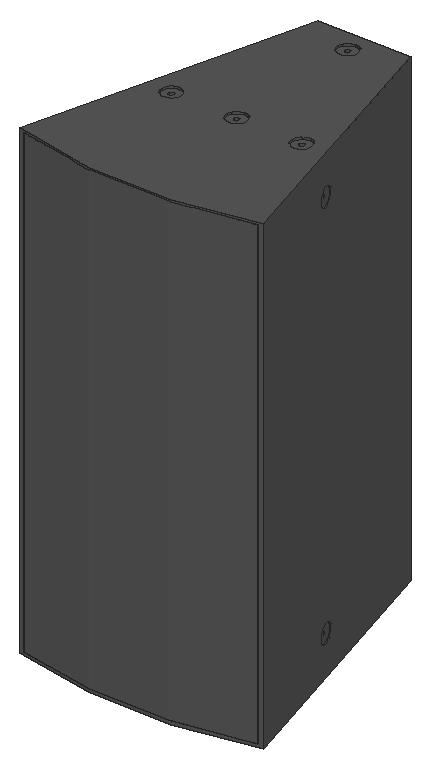
Revit family "1Electronics_Community-Point-Source_Biamp_IP8_1122", category Communication Devices, host Face, Revit 2020
Family settings
  Host = Face
  Maintain Annotation Orientation = No
  Round Connector Dimension = Use Diameter
  Part Type = Normal
  OmniClass Number = 23.85.10.11.14.14.14
  OmniClass Title = Loudspeakers
  Cut with Voids When Loaded = No
  Shared = No
  Room Calculation Point = No
Parameters (values of type "Please download type catalogue!")
  Width = 1' - 2 1/2"  # constant formula
  Weight = 55.00 lbf  # constant formula
  URL = "https://www.biamp.com/"
  Transducers = "LF 1 x 12 (305mm) neodymium driver, 3 (76mm) voice coil, demodulation ring; HF 1 x 1.4 (36mm) exit compression, 2.6 (66mm) voice coil, demodulation ring, ketone polymer diaphragm, neodymium compression driver"  # constant formula
  Shipping Weight = 64.00 lbf  # constant formula
  Recommended Amplifiers = "LF - 600W - 1200W @ 8 ohms, (69V - 98V); HF - 80W - 160W @ 8 ohms (25V - 36V)"  # constant formula
  Product data url = "https://www.bimobject.com/biamp/product/ip8-1122_community-point-source"
  Product Page URL = "https://www.biamp.com/products/product-families/community/point-source#ip8-1122"
  Product Documentation Link = "https://www.biamp.com/products/product-families/community/point-source#ip8-1122"
  Operating Range = ""
  Operating Mode = "Passive or Biamp with DSP"  # constant formula
  Operating Environment = "Indoor"  # constant formula
  Nominal Sensitivity = ""
  Nominal Maximum SPL (Whole Space) = ""
  Nominal Beamwidth (H x V) = ""
  Mounting Points = "15"  # constant formula
  Model = ""
  Manufacturer = "Biamp"  # constant formula
  Input Connection = "Screw terminal blocks (6-position)"  # constant formula
  Housing Material = Biamp - Plastic - Black
  Height = 2' - 4"  # constant formula
  Gril Material = Biamp - Plastic - Black(Grid)
  Equalized Sensitivity = "1W: 93 dB - 2.83V: 93 dB"  # constant formula
  Equalized Maximum SPL = "Peak: 128 dB - Continuous: 122 dB"  # constant formula
  Environmental = "MIL-STD-810G"  # constant formula
  Description = "IP8-1122 High Power 12-Inch Two-Way Installation Loudspeaker"  # constant formula
  Depth = 1' - 5 179/256"  # constant formula
  Default Elevation = 4' - 0"
  Continuous Power Handling  Nominal Impedance = "LF - 69V, 600W @ 8 ohms (2400W peak); HF - 25V, 80W @ 8 ohms (320W peak)"  # constant formula
Reference planes (in)
  plane 1 "Center (Front/Back)": y = 0
  plane 2: z = 0
  plane 3 "Center (Left/Right)": x = 0
Forms (in)
  Extrusion 1, solid, material "Biamp - Plastic - Black" <- "Housing Material", detail levels medium+fine
    sketch origin (-0.18121, 0, 0) x (1, 0, 0) y (0, 1, 0)
      loop
        arc (-7.06879, -7.06265) -> (0.18121, -8.10667) -> (7.43121, -7.06265) r 25.69511
        line (7.43121, -7.06265) -> (2.85509, 9.59333) -> (-2.65672, 9.59333) -> (-7.06879, -7.06265)
    from 0 to 28
  Extrusion 2, void
    sketch origin (-0.18121, -0.10403, 0) x (1, 0, 0) y (0, 1, 0)
      loop
        arc (-6.77682, -7.04262) -> (0.18099, -8.00264) -> (7.13881, -7.04274) r 25.69511
        line (7.13881, -7.04274) -> (7.08665, -6.85292)
        arc (7.08665, -6.85292) -> (0.18008, -7.80579) -> (-6.7264, -6.85231) r 25.49826
        line (-6.7264, -6.85231) -> (-6.77682, -7.04262)
    from 0.19685 to 27.90157
  Extrusion 3, void
    sketch origin (0, 0, 0) x (1, 0, 0) y (0, 1, 0)
      loop
        circle (-3.88574, 0) r 0.59055
      loop
        circle (0, 0) r 0.59055
      loop
        circle (3.88574, 0) r 0.59055
      loop
        circle (0, 8.26772) r 0.59055
    from 28 to 27.90157
  Extrusion 4, void
    sketch origin (0, 0, 0) x (1, 0, 0) y (0, 1, 0)
      loop
        circle (-3.88574, 0) r 0.15748
      loop
        circle (0, 0) r 0.15748
      loop
        circle (3.88574, 0) r 0.15748
      loop
        circle (0, 8.26772) r 0.15748
    from 28 to 27.80315
  Extrusion 5, void
    sketch origin (3.07658, 8.12763, -0.11969) x (-0.264926, 0.964269, 0) y (0, 0, -1)
      loop
        circle (-8.43473, -2.47439) r 0.59055
      loop
        circle (-8.43473, -25.76499) r 0.59055
    from 0 to 0.09843
  Extrusion 6, void
    sketch origin (3.07658, 8.12763, -0.11969) x (-0.264926, 0.964269, 0) y (0, 0, -1)
      loop
        circle (-8.43473, -2.47439) r 0.15748
      loop
        circle (-8.43473, -25.76499) r 0.15748
    from 0.09843 to 0.19685
  Extrusion 7, void
    sketch origin (-7.58128, -8.31325, -0.01138) x (-0.256063, -0.96666, 0) y (0, 0, -1)
      loop
        circle (-8.58908, -2.3454) r 0.59055
      loop
        circle (-8.58908, -25.67736) r 0.59055
    from 0 to 0.09843
  Extrusion 8, void
    sketch origin (-7.58128, -8.31325, -0.01138) x (-0.256063, -0.96666, 0) y (0, 0, -1)
      loop
        circle (-8.58908, -2.3454) r 0.15748
      loop
        circle (-8.58908, -25.67736) r 0.15748
    from 0.09843 to 0.19685
  Extrusion 9, solid, material "Biamp - Plastic - Black(Grid)" <- "Gril Material", detail levels medium+fine
    sketch origin (-0.18121, -0.10403, 0) x (1, 0, 0) y (0, 1, 0)
      loop
        line (-6.7264, -6.85231) -> (-6.77682, -7.04262)
        arc (-6.77682, -7.04262) -> (0.18099, -8.00264) -> (7.13881, -7.04274) r 25.69511
        line (7.13881, -7.04274) -> (7.08665, -6.85292)
        arc (7.08665, -6.85292) -> (0.18008, -7.80579) -> (-6.7264, -6.85231) r 25.49826
    from 0.19685 to 27.90157
  Extrusion 10, void
    sketch origin (-2.83792, 9.59333, 0) x (-1, 0, 0) y (0, 0, -1)
      loop
        circle (-2.65672, -14.34419) r 0.59055
      loop
        circle (-2.65672, -25.60803) r 0.59055
      loop
        circle (-2.65672, -2.39197) r 0.59055
    from 0 to 0.09843
  Extrusion 11, void
    sketch origin (-2.83792, 9.59333, 0) x (-1, 0, 0) y (0, 0, -1)
      loop
        circle (-2.65672, -14.34419) r 0.15748
      loop
        circle (-2.65672, -25.60803) r 0.15748
      loop
        circle (-2.65672, -2.39197) r 0.15748
    from 0 to 0.19685
  Extrusion 12, void
    sketch origin (-2.83792, 9.59333, 0) x (-1, 0, 0) y (0, 0, -1)
      loop
        line (-4.83035, -12.09383) -> (-0.49964, -12.09383) -> (-0.49964, -5.00722) -> (-4.83035, -5.00722) -> (-4.83035, -12.09383)
    from 0 to 0.19685
  Extrusion 13, solid, material "Biamp - Plastic - Black" <- "Housing Material", detail levels medium+fine
    sketch origin (-2.83792, 9.59333, 0) x (1, 0, 0) y (0, 0, -1)
      loop
        line (0.49964, -12.09383) -> (4.83035, -12.09383) -> (4.83035, -5.00722) -> (0.49964, -5.00722) -> (0.49964, -12.09383)
    from 0 to -0.19685
  Extrusion 14, solid, material "Biamp - Plastic - Black" <- "Housing Material", detail levels coarse
    sketch origin (-0.18121, 0, 0) x (1, 0, 0) y (0, 1, 0)
      loop
        line (-2.65672, 9.59333) -> (-7.06879, -7.06265)
        arc (-7.06879, -7.06265) -> (0.18121, -8.10667) -> (7.43121, -7.06265) r 25.69511
        line (7.43121, -7.06265) -> (2.85509, 9.59333) -> (-2.65672, 9.59333)
    from 0 to 28
  Extrusion 15, solid, material "Biamp - Plastic - Black" <- "Housing Material", detail levels medium+fine
    sketch origin (-2.83792, 9.59333, 0) x (1, 0, 0) y (0, 0, -1)
      loop
        line (4.46661, -11.73413) -> (4.46661, -11.23413) -> (3.96661, -11.23413) -> (3.96661, -11.73413) -> (4.46661, -11.73413)
    from 0 to 0.00716
  Extrusion 16, solid, material "Biamp - Plastic - Black" <- "Housing Material", detail levels medium+fine
    sketch origin (-3.95229, 9.59333, -1) x (1, 0, 0) y (0, 0, -1)
      loop
        line (4.46661, -11.73413) -> (4.46661, -11.23413) -> (3.96661, -11.23413) -> (3.96661, -11.73413) -> (4.46661, -11.73413)
    from 0 to 0.00716
  Extrusion 17, solid, material "Biamp - Plastic - Black" <- "Housing Material", detail levels medium+fine
    sketch origin (-2.83792, 9.59333, -1) x (1, 0, 0) y (0, 0, -1)
      loop
        line (4.46661, -11.73413) -> (4.46661, -11.23413) -> (3.96661, -11.23413) -> (3.96661, -11.73413) -> (4.46661, -11.73413)
    from 0 to 0.00716
Cuts and joins
  Extrusion 2, Extrusion 3, Extrusion 4, Extrusion 5, Extrusion 6, Extrusion 7, Extrusion 8, Extrusion 10, Extrusion 11, Extrusion 12 cuts Extrusion 1
Lines and regions (in)
  Masking region 1
    outline origin (-0.18121, 0, 0) x (1, 0, 0) y (0, 1, 0)
      loop
        line (-2.65672, 9.59333) -> (-7.06879, -7.06265)
        arc (-7.06879, -7.06265) -> (0.18121, -8.10667) -> (7.43121, -7.06265) r 25.69511
        line (7.43121, -7.06265) -> (2.85509, 9.59333) -> (-2.65672, 9.59333)
  Masking region 2
    outline origin (0, 0, 0) x (1, 0, 0) y (0, 0, 1)
      loop
        line (-7.2255, 28) -> (-7.2255, 0) -> (7.58792, 0) -> (7.58792, 28) -> (-7.2255, 28)
  Masking region 3, detail levels medium+fine
    outline origin (0, 0, 0) x (1, 0, 0) y (0, 0, 1)
      loop
        line (-7.03679, 27.90157) -> (-7.03679, 0.19685) -> (7.39921, 0.19685) -> (7.39921, 27.90157) -> (-7.03679, 27.90157)
  Masking region 4
    outline origin (0, 0, 0) x (0, 1, 0) y (0, 0, 1)
      loop
        line (9.59333, 28) -> (-6.91199, 28) -> (-6.91199, 0) -> (9.59333, 0) -> (9.59333, 28)
  Masking region 5
    outline origin (0, 0, 0) x (0, 1, 0) y (0, 0, 1)
      loop
        line (-6.91199, 28) -> (-8.00264, 28) -> (-8.00264, 0) -> (-6.91199, 0) -> (-6.91199, 28)
  symbolic lines
    curve 1: line (7.39921, 0, 28) -> (-6.98068, 0, 28)
  symbolic lines, detail levels medium+fine
    curve 2: arc (-0.59055, 8.26772, 0) -> (0, 7.67717, 0) -> (0.59055, 8.26772, 0) r 0.59055
    curve 3: arc (0.59055, 8.26772, 0) -> (0, 8.85827, 0) -> (-0.59055, 8.26772, 0) r 0.59055
    curve 4: arc (-0.59055, 0, 0) -> (0, -0.59055, 0) -> (0.59055, 0, 0) r 0.59055
    curve 5: arc (0.59055, 0, 0) -> (0, 0.59055, 0) -> (-0.59055, 0, 0) r 0.59055
    curve 6: arc (-3.29519, 0, 0) -> (-3.88574, 0.59055, 0) -> (-4.47629, 0, 0) r 0.59055
    curve 7: arc (-4.47629, 0, 0) -> (-3.88574, -0.59055, 0) -> (-3.29519, 0, 0) r 0.59055
    curve 8: arc (3.29519, 0, 0) -> (3.88574, -0.59055, 0) -> (4.47629, 0, 0) r 0.59055
    curve 9: arc (4.47629, 0, 0) -> (3.88574, 0.59055, 0) -> (3.29519, 0, 0) r 0.59055
    curve 10: arc (-0.15748, 0, 0) -> (0, -0.15748, 0) -> (0.15748, 0, 0) r 0.15748
    curve 11: arc (0.15748, 0, 0) -> (0, 0.15748, 0) -> (-0.15748, 0, 0) r 0.15748
    curve 12: arc (-4.04322, 0, 0) -> (-3.88574, -0.15748, 0) -> (-3.72826, 0, 0) r 0.15748
    curve 13: arc (-3.72826, 0, 0) -> (-3.88574, 0.15748, 0) -> (-4.04322, 0, 0) r 0.15748
    curve 14: arc (4.04322, 0, 0) -> (3.88574, 0.15748, 0) -> (3.72826, 0, 0) r 0.15748
    curve 15: arc (3.72826, 0, 0) -> (3.88574, -0.15748, 0) -> (4.04322, 0, 0) r 0.15748
    curve 16: arc (0.15748, 8.26772, 0) -> (0, 8.4252, 0) -> (-0.15748, 8.26772, 0) r 0.15748
    curve 17: arc (-0.15748, 8.26772, 0) -> (0, 8.11024, 0) -> (0.15748, 8.26772, 0) r 0.15748
    curve 18: spline (0, -0.55086, 25.66598) -> (0, -0.53146, 25.51313) -> (0, -0.4746, 25.37071) -> (0, -0.38416, 25.2484) -> (0, -0.26628, 25.15455) -> (0, -0.12901, 25.09555) -> (0, 0.01829, 25.07543) -> (0, 0.1656, 25.09555) -> (0, 0.30287, 25.15455) -> (0, 0.42074, 25.2484) -> (0, 0.51119, 25.37071) -> (0, 0.56805, 25.51313) -> (0, 0.58744, 25.66598)
    curve 19: spline (0, 0.58744, 25.66598) -> (0, 0.56805, 25.81883) -> (0, 0.51119, 25.96126) -> (0, 0.42074, 26.08356) -> (0, 0.30287, 26.17741) -> (0, 0.1656, 26.23641) -> (0, 0.01829, 26.25653) -> (0, -0.12901, 26.23641) -> (0, -0.26628, 26.17741) -> (0, -0.38416, 26.08356) -> (0, -0.4746, 25.96126) -> (0, -0.53146, 25.81883) -> (0, -0.55086, 25.66598)
    curve 20: spline (0, 0.14381, 25.66598) -> (0, 0.13864, 25.70674) -> (0, 0.12347, 25.74472) -> (0, 0.09936, 25.77734) -> (0, 0.06792, 25.80236) -> (0, 0.03132, 25.81809) -> (0, -0.00796, 25.82346) -> (0, -0.04725, 25.81809) -> (0, -0.08385, 25.80236) -> (0, -0.11528, 25.77734) -> (0, -0.1394, 25.74472) -> (0, -0.15457, 25.70674) -> (0, -0.15974, 25.66598)
    curve 21: spline (0, -0.15974, 25.66598) -> (0, -0.15457, 25.62522) -> (0, -0.1394, 25.58724) -> (0, -0.11528, 25.55463) -> (0, -0.08385, 25.5296) -> (0, -0.04725, 25.51387) -> (0, -0.00796, 25.5085) -> (0, 0.03132, 25.51387) -> (0, 0.06792, 25.5296) -> (0, 0.09936, 25.55463) -> (0, 0.12347, 25.58724) -> (0, 0.13864, 25.62522) -> (0, 0.14381, 25.66598)
    curve 22: spline (0, -0.55086, 2.33402) -> (0, -0.53146, 2.48687) -> (0, -0.4746, 2.62929) -> (0, -0.38416, 2.7516) -> (0, -0.26628, 2.84545) -> (0, -0.12901, 2.90445) -> (0, 0.01829, 2.92457) -> (0, 0.1656, 2.90445) -> (0, 0.30287, 2.84545) -> (0, 0.42074, 2.7516) -> (0, 0.51119, 2.62929) -> (0, 0.56805, 2.48687) -> (0, 0.58744, 2.33402)
    curve 23: spline (0, 0.58744, 2.33402) -> (0, 0.56805, 2.18117) -> (0, 0.51119, 2.03874) -> (0, 0.42074, 1.91644) -> (0, 0.30287, 1.82259) -> (0, 0.1656, 1.76359) -> (0, 0.01829, 1.74347) -> (0, -0.12901, 1.76359) -> (0, -0.26628, 1.82259) -> (0, -0.38416, 1.91644) -> (0, -0.4746, 2.03874) -> (0, -0.53146, 2.18117) -> (0, -0.55086, 2.33402)
    curve 24: spline (0, 0.14381, 2.33402) -> (0, 0.13864, 2.29326) -> (0, 0.12347, 2.25528) -> (0, 0.09936, 2.22266) -> (0, 0.06792, 2.19764) -> (0, 0.03132, 2.18191) -> (0, -0.00796, 2.17654) -> (0, -0.04725, 2.18191) -> (0, -0.08385, 2.19764) -> (0, -0.11528, 2.22266) -> (0, -0.1394, 2.25528) -> (0, -0.15457, 2.29326) -> (0, -0.15974, 2.33402)
    curve 25: spline (0, -0.15974, 2.33402) -> (0, -0.15457, 2.37478) -> (0, -0.1394, 2.41276) -> (0, -0.11528, 2.44537) -> (0, -0.08385, 2.4704) -> (0, -0.04725, 2.48613) -> (0, -0.00796, 2.4915) -> (0, 0.03132, 2.48613) -> (0, 0.06792, 2.4704) -> (0, 0.09936, 2.44537) -> (0, 0.12347, 2.41276) -> (0, 0.13864, 2.37478) -> (0, 0.14381, 2.33402)
Dimensions and locks (in)
  aligned and locked: plane 2 to host face
  aligned and locked: level to host face
Connectors (in)
  electrical at (1.37869, 9.60048, 11.48413)
    settings: on Extrusion 15, index 1, voltage 80 V, apparent load 0 VA, apparent load phase1 3200 VA, apparent load phase2 0 VA, apparent load phase3 0 VA, power factor 1, load classification "Other", number of poles 1, system type 5, power factor state 1, is connector primary yes, connector utility no, sub classification motor no, connector description "Screw terminal blocks; Biamp input"
  electrical at (0.26432, 9.60048, 10.48413)
    settings: on Extrusion 16, index 2, voltage 0 V, apparent load 0 VA, apparent load phase1 0 VA, apparent load phase2 0 VA, apparent load phase3 0 VA, power factor 1, load classification "Other", number of poles 1, system type 5, power factor state 1, is connector primary no, connector utility no, sub classification motor no, connector description "Screw terminal blocks; Passive input"
  electrical at (1.37869, 9.60048, 10.48413)
    settings: on Extrusion 17, index 3, voltage 80 V, apparent load 0 VA, apparent load phase1 3200 VA, apparent load phase2 0 VA, apparent load phase3 0 VA, power factor 1, load classification "Other", number of poles 1, system type 5, power factor state 1, is connector primary no, connector utility no, sub classification motor no, connector description "Screw terminal blocks; Passive thru"
